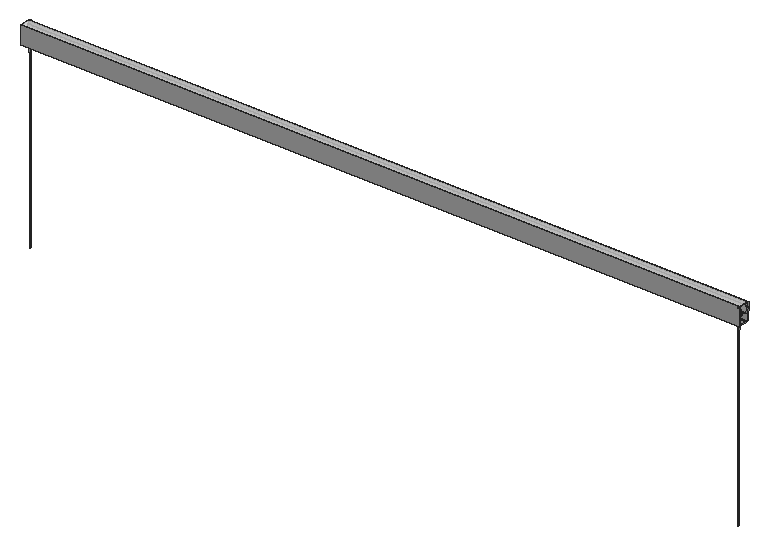
Revit family "2093120 Sylvania Lighting Fixture MC2 3-6M 4K DALIEM WHT OPAL", category Lighting Fixtures, host Face, Revit 2016
Family settings
  Host = Face
  Part Type = Normal
  Round Connector Dimension = Use Diameter
  OmniClass Number = 23.80.70.11.17
  OmniClass Title = Specialized Lighting by Location or Use
  Cut with Voids When Loaded = No
  Light Source = Yes
  Shared = No
  Room Calculation Point = No
Parameters (values of type "2093120 MC2 3.6M 4K DALIEM WHT OPAL Emergency mode")
  Width_SYL = 54.0 mm
  Weight = "7.8 kg"
  Wattage = 66 W
  WarrantyStartDate [instance] = "n/a"
  WarrantyGuarantorParts = "n/a"
  WarrantyDurationUnit = "n/a"
  WarrantyDurationParts = "n/a"
  WarrantyDescription = "n/a"
  built-in parameter 1150110 = 1 (stored number, unit not read)
  Voltage = 0 V
  URL = "http://www.sylvania-lighting.com"
  TypeName = "MC2 3.6M 4K DALIEM WHT OPAL Emergency mode"
  built-in parameter 1114217 = 1 (stored number, unit not read)
  Tilt Angle = -90.00°
  built-in parameter 1150109 = 1 (stored number, unit not read)
  built-in parameter 1150134 = 12
  built-in parameter 1150113 = 1 (stored number, unit not read)
  SerialNumber [instance] = "n/a"
  PowerFactor = 0.98
  PowerConsumption = "66 W"
  NominalWidth = 0.0 mm
  NominalLength = 3600.0 mm
  NominalHeight = 86.0 mm
  Name = "MC2 3.6M 4K DALIEM WHT OPAL Emergency mode"
  ModelReference = "MC2 3.6M 4K DALIEM WHT OPAL"
  ModelNumber = "2093120"
  Material_3_SYL = Metal_Sylvania_Mini Contiuum II_Silver
  Photometric Web File = "2093120EM.ies"
  Material_4_SYL = Metal_Sylvania_Mini Contiuum II_Silver
  MountingHeight_SYL [instance] = 1000.0 mm
  Material = "aluminium housing, polycarbonate diffuser"
  ManufacturerName = "Feilo Sylvania"
  LuminousEfficacy = "1.833 lm/W"
  LuminaireType = ""
  LightOutputRatio = "100"
  Length_SYL = 3600.0 mm
  LampsType = Lamp  # "LED"
  LampNominalLuminous = "121 lm"
  LampMacAdamStep = "3"
  LampColourTemperature = "4000 K"
  LampColourRenderingIndex = "80"
  Keynote = "16500"
  InstallationDate [instance] = "n/a"
  InputVoltage = "n/a"
  InputNominalFrequency = "n/a"
  IngressProtection = "IP20"
  ImpactProtectionIndex = "n/a"
  IfcExportType = "IfcLightFixtureType"
  IfcExportAs = "IfcLightFixtureType"
  Height_SYL = 86.0 mm
  ExpectedLife = 50000
  EndCapRight_SYL [instance] = no
  EndCapLeft_SYL [instance] = no
  Emit from Rectangle Width = Width_SYL - 2.0 mm  # 52.0 mm
  Emit from Rectangle Length = Length_SYL  # 3600.0 mm
  Emit Shape Visible in Rendering = no
  ElectricShockClassification = "Class I"
  DurationUnit = "hours"
  DocumentationLiterature = "http://www.sylvania-lighting.com/product/en-int/products/2093120"
  DimmingControlOptions = "n/a"
  CreatedOn = "10/15/2018"
  CreatedBy = "@sylvania-lighting.com"
  built-in parameter 1114216 [instance] = 1 (stored number, unit not read)
  Model = "MC2 3.6M 4K DALIEM WHT OPAL"
  Manufacturer = "Feilo Sylvania"
  built-in parameter 1150105 = 9.6289 (stored number, unit not read)
  Lumens = 121 lm
  built-in parameter 1150115 = 1 (stored number, unit not read)
  built-in parameter 1150137 = (empty or 0)
  built-in parameter 1150139 = (empty or 0)
  built-in parameter 1150112 = 1 (stored number, unit not read)
  built-in parameter 1150114 = 1 (stored number, unit not read)
  Lamp = "LED"
  built-in parameter 1150132 = 2
  built-in parameter 1150102 = (empty or 0)
  built-in parameter 1150107 = 4000 (stored number, unit not read)
  built-in parameter 1150138 = (empty or 0)
  built-in parameter 1150106 = 0.096289 (stored number, unit not read)
  Material_1_SYL = Metal_Sylvania_Mini Continuum II_White
  built-in parameter 1150104 = 0.17032 (stored number, unit not read)
  Dimming Lamp Color Temperature Shift = <None>
  Material_2_SYL = Polycarbonate_Sylvania_Mini Continuum II_Opal_4000K
  Description = "2093120   MC2 3.6M 4K DALIEM WHT OPAL  Continuous lines of LED light, white RAL 9016, direct distribution, trimless detail for a seamless finish, suitable for recessed, semi-recessed, surface-mounted or suspended installation either horizontally or vertically, various accessories available, compact and minimalist design based on the Golden Mean, ideal for offices, meeting rooms, corridors, education facilities, museums and libraries, extruded aluminium body, diffuser: opal, colour temperature: 4000K neutral white, total system power: 66W, total fixture output: 6621lm, luminaire efficacy: 100lm/W, LOR: 100%, colour rendering: Ra >80, LED Chromacity: 1 step MacAdam ellipse, lifetime: 60,000 hours at 90% of the original output (L90), energy class: A++, A+, A, IR/UV free light source without heat radiation, operating voltage: 220-240V / 50-60Hz, drive current: 800mA, electronic driver, DALI dimmable, integral emergency: 3 hour maintained, electrical protection: CLASS I, IP20, suitable for internal environment only."
  Default Elevation = 0.0 mm
  Color Filter = 16777215
  built-in parameter 1140040 [instance] = 1
  BarCode [instance] = "n/a"
  built-in parameter 1114218 = 1 (stored number, unit not read)
  built-in parameter 1150133 = 10 (stored number, unit not read)
  AssetType = "Fixed"
  AssetIdentifier [instance] = "n/a"
  Assembly Code = "D5020200"
  Apparent Load = 66 VA
Types (2, lengths in mm): name | TypeName | Name | Photometric Web File | LuminousEfficacy | LampNominalLuminous | built-in parameter 1150105 | Lumens | built-in parameter 1150106 | built-in parameter 1150104
  2093120 MC2 3.6M 4K DALIEM WHT OPAL Emergency mode | "MC2 3.6M 4K DALIEM WHT OPAL Emergency mode" | "MC2 3.6M 4K DALIEM WHT OPAL Emergency mode" | "2093120EM.ies" | "1.833 lm/W" | "121 lm" | 9.6289 (stored number, unit not read) | 121 lm | 0.096289 (stored number, unit not read) | 0.17032 (stored number, unit not read)
  2093120 MC2 3.6M 4K DALIEM WHT OPAL | "MC2 3.6M 4K DALIEM WHT OPAL" | "MC2 3.6M 4K DALIEM WHT OPAL" | "2093120.ies" | "106 lm/W" | "7020 lm" | 556.72 (stored number, unit not read) | 6996 lm | 5.5672 (stored number, unit not read) | 9.8477 (stored number, unit not read)
Reference planes
  plane 1 "Center (Front/Back)": y = 0
  plane 2 "Bottom Fixtures": z = 0
  plane 3 "Center (Left/Right)": x = 0
  plane 4 "Fixture Left": x = -1800
  plane 5 "Fixture Right": x = 1800
  plane 6 "Fixture Bottom": z = 1000
  plane 7: z = 998
  plane 8: z = 996
  plane 9: z = 986.951
  plane 10: z = 956.951
  plane 11 "Fixture Top": z = 914
  plane 12 "Mounting Right": x = 1772
  plane 13 "Mounting Left": x = -1772
  plane 14: z = 879
  plane 15: y = 27
  plane 16: y = -27
  plane 17: y = -26
  plane 18: y = -25
  plane 19: y = 26
  plane 20: y = 25
  plane 21: y = 11
  plane 22: y = -11
  plane 23: y = 24
  plane 24: y = 22
  plane 25: y = -22
  plane 26: y = 15
  plane 27: y = -15
  plane 28 "Upper Diffuser Left": x = -1650
  plane 29 "Upper Diffuser Right": x = 1650
  plane 30: x = -1802
  plane 31: x = 1802
Forms (mm)
  Extrusion 1, solid, material "Metal_Sylvania_Mini Continuum II_White" <- "Material_1_SYL", detail levels fine
    sketch origin (0, 0, 520) x (0, 1, 0) y (0, 0, 1)
      loop
        line (27, 480) -> (26, 480) -> (26, 478) -> (25, 478) -> (25, 396) -> (13, 396) -> (13, 398) -> (-13, 398) -> (-13, 396) -> (-25, 396) -> (-25, 478) -> (-26, 478) -> (-26, 480) -> (-27, 480) -> (-27, 394) -> (-11, 394) -> (-11, 396) -> (11, 396) -> (11, 394) -> (27, 394) -> (27, 480)
    from -1800 to 1800
  Extrusion 2, solid, material "Polycarbonate_Sylvania_Mini Continuum II_Opal_4000K" <- "Material_2_SYL", detail levels fine
    sketch origin (0, 0, 520) x (0, 1, 0) y (0, 0, 1)
      loop
        line (-26, 480) -> (-26, 478) -> (26, 478) -> (26, 480) -> (-26, 480)
    from -1800 to 1800
  Extrusion 3, solid, material "Metal_Sylvania_Mini Contiuum II_Silver" <- "Material_3_SYL", detail levels fine
    sketch origin (0, 0, 520) x (0, 1, 0) y (0, 0, 1)
      loop
        line (22, 466.951) -> (20.973, 466.951) -> (14.206, 437.951) -> (11, 437.951) -> (11, 436.951) -> (15, 436.951) -> (22, 466.951)
      loop
        line (-15, 436.951) -> (-11, 436.951) -> (-11, 437.951) -> (-14.206, 437.951) -> (-20.973, 466.951) -> (-22, 466.951) -> (-15, 436.951)
    from -1800 to 1800
  Extrusion 4, solid, material "Metal_Sylvania_Mini Continuum II_White" <- "Material_1_SYL", detail levels coarse+medium
    sketch origin (0, 0, 520) x (0, 1, 0) y (0, 0, 1)
      loop
        line (-27, 480) -> (-27, 394) -> (27, 394) -> (27, 480) -> (-27, 480)
    from -1800 to 1800
  Extrusion 5, solid, material "Metal_Sylvania_Mini Contiuum II_Silver" <- "Material_4_SYL", detail levels fine
    sketch origin (0, 0, -86) x (-1, 0, 0) y (0, -1, 0)
      loop
        circle (1772, 0) r 4
      loop
        circle (-1772, 0) r 4
    from 965 to 1002
  Extrusion 6, solid, material "Metal_Sylvania_Mini Contiuum II_Silver" <- "Material_4_SYL", detail levels fine
    sketch origin (0, 0, -86) x (-1, 0, 0) y (0, -1, 0)
      loop
        circle (-1772, 0) r 1
      loop
        circle (1772, 0) r 1
    from 86 to 965
  Extrusion 7, solid, material "Metal_Sylvania_Mini Continuum II_White" <- "Material_1_SYL", visible <- "EndCapLeft_SYL"
    sketch origin (-1800, 171.684, 1219.2) x (0, 1, 0) y (0, 0, 1)
      loop
        line (-198.684, -305.2) -> (-144.684, -305.2) -> (-144.684, -219.2) -> (-198.684, -219.2) -> (-198.684, -305.2)
    from 0 to -2
  Extrusion 8, solid, material "Metal_Sylvania_Mini Continuum II_White" <- "Material_1_SYL", visible <- "EndCapRight_SYL"
    sketch origin (1800, 171.684, 1219.2) x (0, 1, 0) y (0, 0, -1)
      loop
        line (-144.684, 219.2) -> (-144.684, 305.2) -> (-198.684, 305.2) -> (-198.684, 219.2) -> (-144.684, 219.2)
    from 0 to -2
Lines and regions (mm)
  Masking region 1
    outline origin (0, 0, -86) x (-1, 0, 0) y (0, -1, 0)
      loop
        line (1800, -27) -> (1800, 27) -> (-1800, 27) -> (-1800, -27) -> (1800, -27)
  symbolic lines, detail levels fine
    curve 1: line (-1800, 26, -86) -> (1800, 26, -86)
    curve 2: line (-1800, -26, -86) -> (1800, -26, -86)
  model lines, detail levels coarse+medium
    curve 3: line (-1772, 0, 914) -> (-1772, 0, 0)
    curve 4: line (1772, 0, 914) -> (1772, 0, 0)
Dimensions and locks
  host sketch curve to plane 3 "Center (Left/Right)" to host sketch curve = 820.0 mm, 775.047 mm
  equal spacing: plane 4 "Fixture Left", plane 3 "Center (Left/Right)", plane 5 "Fixture Right"
  "Length_SYL": plane 4 "Fixture Left" to plane 5 "Fixture Right"
  plane 6 "Fixture Bottom" to plane 7 to plane 8 to plane 9 to plane 10 = 2.0 mm locked, 2.0 mm locked, 9.049 mm locked, 30.0 mm locked
  locked: Extrusion 1 sketch curve to Extrusion 1 sketch curve at 2
  locked: Extrusion 1 sketch curve to plane 11 "Fixture Top" at 2
  "Height_SYL": plane 6 "Fixture Bottom" to plane 11 "Fixture Top"
  locked: plane 12 "Mounting Right" to plane 5 "Fixture Right" at 28
  locked: plane 4 "Fixture Left" to plane 13 "Mounting Left" at 28
  locked: plane 11 "Fixture Top" to plane 14 at 35
  "MountingHeight_SYL": plane 6 "Fixture Bottom" to plane 2 "Bottom Fixtures"
  equal spacing: plane 15, plane 1 "Center (Front/Back)", plane 16
  "Width_SYL": plane 15 to plane 16
  plane 22 to plane 27 to plane 25 to plane 18 to plane 17 to plane 16 = 4.0 mm locked, 7.0 mm locked, 3.0 mm locked, 1.0 mm locked, 1.0 mm locked
  plane 15 to plane 19 to plane 20 to plane 23 to plane 24 to plane 26 to plane 21 = 1.0 mm locked, 1.0 mm locked, 1.0 mm locked, 2.0 mm locked, 7.0 mm locked, 4.0 mm locked
  locked: plane 4 "Fixture Left" to plane 28 "Upper Diffuser Left" at 150
  locked: plane 29 "Upper Diffuser Right" to plane 5 "Fixture Right" at 150
  equal spacing: plane 30, plane 3 "Center (Left/Right)", plane 31
  locked: plane 30 to plane 4 "Fixture Left" at 2
  aligned and locked: plane 2 "Bottom Fixtures" to host face
  aligned and locked: level to host face
  aligned and locked: plane 5 "Fixture Right" to curve 1
  aligned and locked: plane 4 "Fixture Left" to curve 1
  aligned and locked: plane 4 "Fixture Left" to curve 2
  aligned and locked: plane 5 "Fixture Right" to curve 2
  aligned and locked: Extrusion 1 sketch curve to plane 7
  aligned and locked: plane 6 "Fixture Bottom" to Extrusion 1 sketch curve  (x2)
  aligned and locked: plane 7 to Extrusion 1 sketch curve
  aligned and locked: Extrusion 1 to Extrusion 2 sketch curve
  aligned and locked: Extrusion 2 sketch curve to Extrusion 1  (x3)
  aligned and locked: Extrusion 3 sketch curve to plane 10
  aligned and locked: plane 9 to Extrusion 3 sketch curve
  aligned and locked: Extrusion 3 sketch curve to plane 9
  aligned and locked: Extrusion 4 sketch curve to plane 6 "Fixture Bottom"
  aligned and locked: Extrusion 4 to plane 4 "Fixture Left"
  aligned and locked: Extrusion 2 to plane 4 "Fixture Left"
  aligned and locked: Extrusion 3 to plane 4 "Fixture Left"
  aligned and locked: Extrusion 1 to plane 4 "Fixture Left"
  aligned and locked: Extrusion 4 to plane 5 "Fixture Right"
  aligned and locked: Extrusion 2 to plane 5 "Fixture Right"
  aligned and locked: Extrusion 3 to plane 5 "Fixture Right"
  aligned and locked: Extrusion 1 to plane 5 "Fixture Right"
  aligned and locked: plane 11 "Fixture Top" to Extrusion 4 sketch curve
  aligned and locked: Extrusion 1 sketch curve to plane 11 "Fixture Top"  (x2)
  aligned and locked: Extrusion 1 sketch curve to Extrusion 1 sketch curve
  aligned and locked: plane 6 "Fixture Bottom" to imposter light
  aligned and locked: plane 11 "Fixture Top" to curve 3
  aligned and locked: plane 2 "Bottom Fixtures" to curve 3
  aligned and locked: curve 4 to plane 11 "Fixture Top"
  aligned and locked: curve 4 to plane 2 "Bottom Fixtures"
  aligned and locked: curve 4 to plane 12 "Mounting Right"
  aligned and locked: curve 3 to plane 13 "Mounting Left"
  aligned and locked: Extrusion 5 to Extrusion 1
  aligned and locked: Extrusion 5 to plane 14
  aligned and locked: plane 14 to Extrusion 6
  aligned and locked: Extrusion 6 to level
  aligned and locked: plane 21 to Extrusion 3 sketch curve
  aligned and locked: Extrusion 3 sketch curve to plane 22
  aligned and locked: Extrusion 7 sketch curve to Extrusion 4  (x4)
  aligned and locked: Extrusion 7 to plane 30
  aligned and locked: plane 4 "Fixture Left" to Extrusion 7
  aligned and locked: Extrusion 8 sketch curve to Extrusion 4  (x4)
  aligned and locked: plane 31 to Extrusion 8
  aligned and locked: plane 5 "Fixture Right" to Extrusion 8
Automatic sketch dimensions
  host sketch curve to host sketch curve = 1047.463 mm
  plane 19 to curve 1 = 0.0 mm
  curve 2 to plane 17 = 0.0 mm
  Masking region 1 sketch curve to plane 5 "Fixture Right" = 0.0 mm
  Masking region 1 sketch curve to plane 4 "Fixture Left" = 0.0 mm
  plane 15 to Masking region 1 sketch curve = 0.0 mm
  Masking region 1 sketch curve to plane 16 = 0.0 mm
  Extrusion 1 sketch curve to plane 16 = 0.0 mm
  Extrusion 1 sketch curve to plane 17 = 0.0 mm
  Extrusion 1 sketch curve to plane 18 = 0.0 mm
  Extrusion 1 sketch curve to plane 22 = 0.0 mm
  Extrusion 1 sketch curve to plane 21 = 0.0 mm
  Extrusion 1 sketch curve to plane 20 = 0.0 mm
  Extrusion 1 sketch curve to plane 19 = 0.0 mm
  Extrusion 1 sketch curve to plane 15 = 0.0 mm
  plane 11 "Fixture Top" to Extrusion 1 sketch curve = 2.0 mm
  Extrusion 1 sketch curve to plane 22 = 2.0 mm
  Extrusion 1 sketch curve to plane 21 = 2.0 mm
  Extrusion 3 sketch curve to plane 25 = 0.0 mm
  Extrusion 3 sketch curve to plane 27 = 0.0 mm
  Extrusion 3 sketch curve to plane 26 = 0.0 mm
  Extrusion 3 sketch curve to plane 24 = 0.0 mm
  plane 10 to Extrusion 3 sketch curve = 1.0 mm
  Extrusion 3 sketch curve to Extrusion 3 sketch curve = 1.027 mm
  plane 27 to Extrusion 3 sketch curve = 0.794 mm
  plane 26 to Extrusion 3 sketch curve = 0.794 mm
  plane 24 to Extrusion 3 sketch curve = 1.027 mm
  Extrusion 4 sketch curve to plane 16 = 0.0 mm
  Extrusion 4 sketch curve to plane 15 = 0.0 mm
  plane 1 "Center (Front/Back)" to Extrusion 5 sketch curve = 0.0 mm  (x2)
  Extrusion 5 sketch curve to plane 12 "Mounting Right" = 0.0 mm
  Extrusion 5 sketch curve to plane 13 "Mounting Left" = 0.0 mm
  plane 1 "Center (Front/Back)" to Extrusion 6 sketch curve = 0.0 mm  (x2)
  Extrusion 6 sketch curve to plane 12 "Mounting Right" = 0.0 mm
  Extrusion 6 sketch curve to plane 13 "Mounting Left" = 0.0 mm
  Extrusion 3 sketch curve to Extrusion 3 sketch curve = 0.0 mm
  Extrusion 3 sketch curve to plane 10 = 0.0 mm
  radius of Extrusion 5 sketch curve = 4.0 mm  (x2)
  radius of Extrusion 6 sketch curve = 1.0 mm  (x2)
Connectors
  electrical at (1800, 0, 949), driven by "Apparent Load"
    settings: on Extrusion 1, index 1, voltage 230 V, apparent load 0 VA, apparent load phase1 66 VA, apparent load phase2 0 VA, apparent load phase3 0 VA, power factor 1, load classification "Lighting", number of poles 1, system type 31, power factor state 1, is connector primary yes, connector utility no, sub classification motor no, connector description ""
